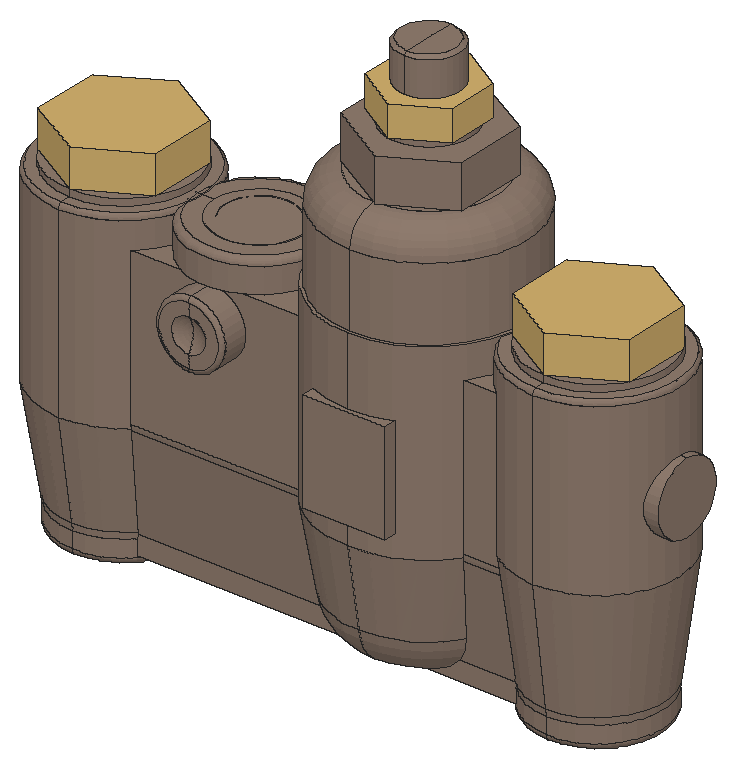
Revit family "Mixing_Valve-Emergency-Bradley_Corp-EFX25-S19-2100", category Pipe Accessories, Revit 2012 (continued)
Automatic sketch dimensions
  curve 9 to plane 2 "Top C" = 0.000"
  curve 15 to plane 4 "Bottom C-D" = 0.000"
  curve 10 to plane 6 "Left A-B" = 0.000"
  plane 8 "Right A" to curve 16 = 0.375"
  curve 6 to plane 31 "Outlet base" = 0.0716"
  plane 7 "Right B" to curve 6 = 0.9282"
  curve 7 to curve 4 = 0.000"
  curve 14 to curve 13 = 0.500"
  plane 7 "Right B" to curve 19 = 0.2142"
  curve 1 to curve 20 = 0.2142"
  curve 2 to curve 3 = 0.714"
  plane 6 "Left A-B" to curve 15 = 0.375"
  curve 1 to plane 2 "Top C" = 0.7497"
  curve 18 to curve 17 = 0.375"
  curve 7 to plane 2 "Top C" = 0.1377"
  curve 18 to plane 31 "Outlet base" = 0.125"
  plane 31 "Outlet base" to curve 2 = 0.12849"
  curve 19 to plane 38 = 0.03176"
  Extrusion 21 sketch curve to Revolve 10 = 0.000"
  Revolve 10 to Extrusion 21 sketch curve = 0.03353"
  Revolve 10 to Extrusion 21 sketch curve = 0.91461"
  Extrusion 21 sketch curve to Extrusion 21 sketch curve = 0.50869"
  Extrusion 21 sketch curve to Revolve 10 = 0.91461"
  Extrusion 21 sketch curve to Extrusion 21 sketch curve = 0.54741"
  Extrusion 21 sketch curve to Extrusion 21 sketch curve = 1.0561"
  Extrusion 21 sketch curve to Extrusion 21 sketch curve = 1.01738"
  Extrusion 21 sketch curve to Extrusion 21 sketch curve = 0.52805"
  plane 36 "Dial front" to Masking region 1 sketch curve = 0.000"  (x2)
  Masking region 1 sketch curve to plane 35 "Handle front" = 0.025"
  plane 7 "Right B" to Masking region 1 sketch curve = 0.100"
  Masking region 1 sketch curve to plane 3 "Center (Left/Right)" = 0.875"
  Masking region 2 sketch curve to Masking region 2 sketch curve = 0.000"  (x21)
  Masking region 2 sketch curve to plane 15 "Center G" = 0.000"  (x2)
  Masking region 2 sketch curve to plane 16 "Center Piston" = 0.000"
  Masking region 2 sketch curve to plane 6 "Left A-B" = 0.000"
  plane 11 "Right edge" to Masking region 2 sketch curve = 0.14156"  (x2)
  plane 8 "Right A" to Masking region 2 sketch curve = 0.16805"  (x2)
  Masking region 2 sketch curve to plane 8 "Right A" = 0.16805"
  Masking region 2 sketch curve to plane 43 = 0.055"  (x2)
  Masking region 2 sketch curve to Masking region 2 sketch curve = 0.33195"
  Masking region 2 sketch curve to plane 44 = 0.4175"
  Masking region 2 sketch curve to Masking region 2 sketch curve = 0.30768"  (x2)
  Masking region 2 sketch curve to Masking region 2 sketch curve = 0.48305"  (x2)
  plane 44 to Masking region 2 sketch curve = 0.06814"  (x2)
  plane 43 to Masking region 2 sketch curve = 0.06814"
  Masking region 2 sketch curve to plane 3 "Center (Left/Right)" = 0.47873"
  Masking region 2 sketch curve to Masking region 2 sketch curve = 0.60554"
  Masking region 2 sketch curve to plane 43 = 0.4175"  (x2)
  plane 7 "Right B" to Masking region 2 sketch curve = 0.500"
  Masking region 2 sketch curve to Masking region 2 sketch curve = 0.05985"  (x2)
  plane 43 to Masking region 2 sketch curve = 0.02929"  (x3)
  plane 7 "Right B" to Masking region 2 sketch curve = 0.16805"
  Masking region 2 sketch curve to plane 7 "Right B" = 0.16805"
  Masking region 2 sketch curve to plane 7 "Right B" = 0.44015"
  Masking region 2 sketch curve to Masking region 2 sketch curve = 0.69232"
  Masking region 2 sketch curve to plane 43 = 0.11682"
  plane 6 "Left A-B" to Masking region 2 sketch curve = 0.16805"
  Masking region 2 sketch curve to plane 6 "Left A-B" = 0.16805"
  Masking region 2 sketch curve to Masking region 2 sketch curve = 0.35765"
  Masking region 2 sketch curve to plane 15 "Center G" = 0.525"
  plane 16 "Center Piston" to curve 97 = 0.000"
  curve 89 to plane 31 "Outlet base" = 0.000"
  curve 88 to plane 7 "Right B" = 0.000"
  curve 88 to plane 31 "Outlet base" = 0.000"
  curve 93 to plane 38 = 0.000"
  curve 103 to plane 5 "Top D" = 0.000"
  curve 87 to plane 5 "Top D" = 0.000"
  curve 85 to plane 5 "Top D" = 0.000"
  plane 4 "Bottom C-D" to curve 97 = 0.10175"
  curve 97 to curve 99 = 0.00172"
  curve 98 to curve 96 = 0.00172"
  plane 4 "Bottom C-D" to curve 95 = 0.376"
  plane 4 "Bottom C-D" to curve 100 = 0.376"
  curve 94 to plane 30 "Inlet base" = 0.26749"
  curve 101 to plane 30 "Inlet base" = 0.26749"
  curve 101 to curve 100 = 0.03953"
  curve 95 to curve 95 = 0.03953"
  plane 30 "Inlet base" to curve 96 = 0.05661"
  plane 30 "Inlet base" to curve 99 = 0.05661"
  level to curve 94 = 0.73455"
  level to curve 101 = 0.73455"
  curve 94 to curve 93 = 0.09458"
  curve 93 to curve 89 = 0.26692"
  curve 102 to plane 2 "Top C" = 0.26254"
  plane 5 "Top D" to curve 84 = 0.100"
  plane 5 "Top D" to curve 86 = 0.100"
  plane 5 "Top D" to curve 88 = 0.100"
  plane 5 "Top D" to curve 88 = 0.11803"
  plane 12 "Top Nuts" to curve 83 = 0.85902"
  curve 83 to curve 82 = 0.63434"
  curve 82 to curve 81 = 0.100"
  curve 81 to curve 80 = 0.44802"
  curve 79 to plane 13 "Top valve" = 0.05039"
  curve 94 to plane 24 "Top Flange" = 2.39319"
  curve 101 to plane 24 "Top Flange" = 2.39319"
  curve 86 to plane 11 "Right edge" = 0.07147"
  plane 11 "Right edge" to curve 87 = 0.0625"
  curve 101 to plane 23 "Right Flange" = 178.42787"
  curve 94 to plane 8 "Right A" = 0.50617"
  curve 86 to plane 8 "Right A" = 0.86603"
  curve 86 to curve 87 = 0.13397"
  curve 87 to curve 103 = 0.050"
  curve 103 to curve 93 = 0.24073"
  curve 93 to curve 94 = 0.00099"
  curve 95 to curve 95 = 0.00127"
  curve 94 to curve 96 = 0.14223"
  plane 16 "Center Piston" to curve 83 = 0.91461"
  plane 16 "Center Piston" to curve 82 = 0.64952"
  curve 81 to curve 82 = 0.000"
  plane 16 "Center Piston" to curve 89 = 0.60373"
  plane 16 "Center Piston" to curve 80 = 0.450"
  plane 16 "Center Piston" to curve 79 = 0.450"
  curve 98 to curve 97 = 0.31383"
  curve 98 to curve 96 = 0.00004"
  curve 99 to plane 3 "Center (Left/Right)" = 0.16388"
  curve 99 to plane 3 "Center (Left/Right)" = 0.18878"
  curve 99 to curve 97 = 0.00004"
  curve 79 to plane 3 "Center (Left/Right)" = 0.325"
  curve 80 to plane 3 "Center (Left/Right)" = 0.325"
  curve 99 to curve 100 = 0.17906"
  curve 90 to plane 3 "Center (Left/Right)" = 0.47873"
  curve 80 to curve 81 = 0.19952"
  curve 81 to curve 82 = 0.0234"
  curve 82 to curve 83 = 0.24168"
  curve 99 to curve 101 = 0.14223"
  curve 91 to curve 102 = 0.60455"
  curve 85 to curve 84 = 0.01594"
  plane 9 "Left H" to curve 84 = 0.07147"
  curve 85 to plane 9 "Left H" = 0.0625"
  curve 94 to plane 21 "Left Flange" = 178.17787"
  Masking region 3 sketch curve to plane 5 "Top D" = 0.000"  (x2)
  Masking region 3 sketch curve to plane 12 "Top Nuts" = 0.000"
  Masking region 3 sketch curve to plane 5 "Top D" = 0.07422"
  Masking region 3 sketch curve to plane 5 "Top D" = 0.07957"
  Masking region 3 sketch curve to plane 5 "Top D" = 0.08106"
  plane 31 "Outlet base" to Masking region 3 sketch curve = 0.025"
  Masking region 3 sketch curve to plane 7 "Right B" = 0.00061"
  plane 31 "Outlet base" to Masking region 3 sketch curve = 0.00204"
  Masking region 3 sketch curve to plane 2 "Top C" = 0.525"
  Masking region 3 sketch curve to plane 10 "Right H" = 0.11253"
  Masking region 3 sketch curve to Masking region 3 sketch curve = 0.55459"
  Masking region 3 sketch curve to plane 9 "Left H" = 0.2626"
  level to Masking region 3 sketch curve = 0.76647"
  plane 11 "Right edge" to Masking region 3 sketch curve = 0.02326"
  plane 4 "Bottom C-D" to Masking region 3 sketch curve = 0.42134"  (x2)
  Masking region 3 sketch curve to plane 9 "Left H" = 0.02326"
  plane 11 "Right edge" to Masking region 3 sketch curve = 0.01637"
  Masking region 3 sketch curve to Masking region 3 sketch curve = 0.04349"
  Masking region 3 sketch curve to plane 9 "Left H" = 0.01445"
  Masking region 3 sketch curve to Masking region 3 sketch curve = 0.05908"
  plane 11 "Right edge" to Masking region 3 sketch curve = 0.01278"
  Masking region 3 sketch curve to Masking region 3 sketch curve = 0.04383"
  Masking region 3 sketch curve to plane 9 "Left H" = 0.01269"
  Masking region 3 sketch curve to Masking region 3 sketch curve = 0.03878"
  plane 4 "Bottom C-D" to Masking region 3 sketch curve = 0.10175"
  plane 4 "Bottom C-D" to Masking region 3 sketch curve = 0.07328"
  plane 4 "Bottom C-D" to Masking region 3 sketch curve = 0.07097"
  plane 4 "Bottom C-D" to Masking region 3 sketch curve = 0.07021"
  plane 4 "Bottom C-D" to Masking region 3 sketch curve = 0.06961"
  Masking region 3 sketch curve to plane 4 "Bottom C-D" = 0.02998"
  Masking region 3 sketch curve to plane 4 "Bottom C-D" = 0.03003"
  plane 5 "Top D" to Masking region 3 sketch curve = 0.07001"
  Masking region 3 sketch curve to Masking region 3 sketch curve = 0.100"  (x2)
  plane 5 "Top D" to Masking region 3 sketch curve = 0.100"
  plane 12 "Top Nuts" to Masking region 3 sketch curve = 0.41754"
  plane 12 "Top Nuts" to Masking region 3 sketch curve = 0.42294"
  Masking region 3 sketch curve to Masking region 3 sketch curve = 0.43608"
  Masking region 3 sketch curve to Masking region 3 sketch curve = 0.44148"
  Masking region 3 sketch curve to Masking region 3 sketch curve = 0.63434"
  Masking region 3 sketch curve to Masking region 3 sketch curve = 0.54802"
  Masking region 3 sketch curve to plane 13 "Top valve" = 0.05039"  (x2)
  Masking region 3 sketch curve to Masking region 3 sketch curve = 0.11304"
  Masking region 3 sketch curve to Masking region 3 sketch curve = 0.03946"
  plane 11 "Right edge" to Masking region 3 sketch curve = 0.0625"
  Masking region 3 sketch curve to Masking region 3 sketch curve = 0.10156"
  Masking region 3 sketch curve to plane 8 "Right A" = 0.85051"
  Masking region 3 sketch curve to plane 8 "Right A" = 0.86603"
  Masking region 3 sketch curve to Masking region 3 sketch curve = 0.13397"
  Masking region 3 sketch curve to Masking region 3 sketch curve = 0.050"
  plane 16 "Center Piston" to Masking region 3 sketch curve = 0.450"
  Masking region 3 sketch curve to Masking region 3 sketch curve = 0.05039"  (x2)
  Masking region 3 sketch curve to plane 3 "Center (Left/Right)" = 0.27461"
  Masking region 3 sketch curve to Masking region 3 sketch curve = 0.09367"
  Masking region 3 sketch curve to Masking region 3 sketch curve = 0.10909"
  plane 6 "Left A-B" to Masking region 3 sketch curve = 0.94998"
  Masking region 3 sketch curve to Masking region 3 sketch curve = 0.11417"
  Masking region 3 sketch curve to Masking region 3 sketch curve = 0.09992"
  plane 9 "Left H" to Masking region 3 sketch curve = 0.07147"
  Masking region 3 sketch curve to plane 9 "Left H" = 0.0625"
  Masking region 3 sketch curve to Masking region 3 sketch curve = 0.09835"
  curve 122 to plane 14 "Front G" = 0.000"
  curve 121 to plane 15 "Center G" = 0.000"
  curve 120 to plane 2 "Top C" = 0.000"
  curve 113 to plane 36 "Dial front" = 0.000"
  curve 122 to plane 31 "Outlet base" = 0.000"
  curve 123 to plane 5 "Top D" = 0.000"
  curve 116 to plane 12 "Top Nuts" = 0.000"
  plane 4 "Bottom C-D" to curve 131 = 0.42134"
  curve 130 to plane 43 = 0.10502"
  level to curve 130 = 1.01604"
  curve 125 to curve 122 = 0.080"
  curve 121 to plane 2 "Top C" = 0.525"
  curve 113 to plane 31 "Outlet base" = 0.100"
  plane 38 to curve 113 = 0.22746"
  curve 126 to plane 5 "Top D" = 0.08042"
  curve 129 to plane 5 "Top D" = 0.08042"
  curve 126 to plane 5 "Top D" = 0.07756"
  curve 129 to plane 5 "Top D" = 0.07756"
  plane 5 "Top D" to curve 119 = 0.100"
  curve 108 to plane 44 = 0.2489"
  plane 12 "Top Nuts" to curve 108 = 0.85902"
  curve 109 to curve 107 = 0.63434"
  curve 109 to curve 112 = 0.100"
  curve 112 to curve 105 = 0.44802"
  curve 104 to plane 13 "Top valve" = 0.05039"
  curve 126 to plane 44 = 0.20013"
  curve 126 to curve 126 = 0.05514"
  curve 123 to plane 27 "Back G" = 0.0625"
  curve 118 to plane 44 = 0.305"
  curve 124 to plane 44 = 0.34424"
  plane 15 "Center G" to curve 106 = 0.625"
  curve 107 to curve 106 = 0.000"
  curve 107 to curve 110 = 0.09695"
  curve 114 to curve 115 = 0.500"
  plane 15 "Center G" to curve 104 = 0.450"
  plane 15 "Center G" to curve 105 = 0.450"
  curve 110 to curve 111 = 0.15305"
  curve 112 to plane 15 "Center G" = 0.375"
  curve 104 to plane 15 "Center G" = 0.450"
  curve 112 to curve 105 = 0.075"
  curve 116 to plane 15 "Center G" = 0.500"
  curve 109 to plane 15 "Center G" = 0.52805"
  curve 109 to curve 107 = 0.09695"
  curve 106 to curve 107 = 0.000"
  curve 124 to plane 43 = 0.34424"
  curve 117 to plane 43 = 0.305"
  curve 108 to plane 43 = 0.26826"
  curve 129 to curve 129 = 0.09512"
  plane 14 "Front G" to curve 123 = 0.0625"
  Masking region 4 sketch curve to plane 14 "Front G" = 0.000"
  Masking region 4 sketch curve to plane 31 "Outlet base" = 0.000"  (x2)
  Masking region 4 sketch curve to plane 5 "Top D" = 0.000"  (x2)
  plane 4 "Bottom C-D" to Masking region 4 sketch curve = 0.06863"
  plane 4 "Bottom C-D" to Masking region 4 sketch curve = 0.06964"
  Masking region 4 sketch curve to Masking region 4 sketch curve = 0.12812"
  Masking region 4 sketch curve to Masking region 4 sketch curve = 0.12918"
  Masking region 4 sketch curve to plane 43 = 0.00598"
  Masking region 4 sketch curve to plane 30 "Inlet base" = 0.26749"  (x2)
  Masking region 4 sketch curve to plane 44 = 0.00598"
  Masking region 4 sketch curve to plane 30 "Inlet base" = 0.17624"
  Masking region 4 sketch curve to plane 30 "Inlet base" = 0.13521"
  plane 14 "Front G" to Masking region 4 sketch curve = 0.06225"
  level to Masking region 4 sketch curve = 0.77543"
  Masking region 4 sketch curve to plane 27 "Back G" = 0.06257"
  level to Masking region 4 sketch curve = 0.77565"
  Masking region 4 sketch curve to Masking region 4 sketch curve = 0.32039"
  Masking region 4 sketch curve to Masking region 4 sketch curve = 0.32061"
  Masking region 4 sketch curve to plane 12 "Top Nuts" = 0.15625"
  plane 14 "Front G" to Masking region 4 sketch curve = 0.1125"
  plane 12 "Top Nuts" to Masking region 4 sketch curve = 0.42568"
  Masking region 4 sketch curve to plane 27 "Back G" = 0.1125"
  plane 12 "Top Nuts" to Masking region 4 sketch curve = 0.43827"
  Masking region 4 sketch curve to Masking region 4 sketch curve = 0.54802"
  Masking region 4 sketch curve to Masking region 4 sketch curve = 0.100"  (x2)
  Masking region 4 sketch curve to Masking region 4 sketch curve = 0.44802"
  Masking region 4 sketch curve to plane 13 "Top valve" = 0.05039"  (x2)
  Masking region 4 sketch curve to Masking region 4 sketch curve = 0.05005"
  Masking region 4 sketch curve to plane 44 = 0.35501"
  Masking region 4 sketch curve to Masking region 4 sketch curve = 0.300"
  Masking region 4 sketch curve to Masking region 4 sketch curve = 0.05039"  (x2)
  Masking region 4 sketch curve to plane 15 "Center G" = 0.39961"
  Masking region 4 sketch curve to Masking region 4 sketch curve = 0.78676"
  Masking region 4 sketch curve to Masking region 4 sketch curve = 0.125"
  Masking region 4 sketch curve to Masking region 4 sketch curve = 0.43383"
  plane 14 "Front G" to Masking region 4 sketch curve = 0.0625"
  Masking region 4 sketch curve to plane 36 "Dial front" = 0.000"
  Masking region 4 sketch curve to Masking region 4 sketch curve = 0.42076"
  Masking region 4 sketch curve to plane 43 = 0.26826"
  Masking region 4 sketch curve to Masking region 4 sketch curve = 0.63434"
  radius of Extrusion 5 sketch curve = 1.500"
  radius of Extrusion 6 sketch curve = 1.500"
  radius of Extrusion 15 sketch curve = 1.500"
  radius of Extrusion 18 sketch curve = 0.525"
  radius of Extrusion 19 sketch curve = 0.6575"
  radius of Extrusion 20 sketch curve = 0.525"  (x2)
Nested families (in)
  nested 1: "TMV Valve Symbol" at (0, -2.25, 0), type "TMV Valve Symbol", detail levels coarse+medium
  nested 2: "Ball_Valve" at (-2.375, -2.25, 12.53304) x (-1, 0, 0) z (0, 0, -1), visible <- "Visibility Outlet", type "Ball_Valve", detail levels fine
  nested 3: "Ball_Valve" at (2.625, -2.25, -7.46696), visible <- "Visibility Inlet", type "Ball_Valve", detail levels fine
  nested 4: "Ball_Valve" at (-4.375, -2.25, -7.46696), visible <- "Visibility Inlet", type "Ball_Valve", detail levels fine
Connectors (in)
  piping at (-4.375, -2.25, -1.15396), driven by "Domestic Hot In", driven by "Pressure Drop", driven by "Xnpt Radius"
    settings: on Extrusion 20, index 1, connector radius 3/8", flow factor 0, pipe flow 0 GPM, pressure drop 45.00 psi, fitting loss kfactor 0, connector angle 0.00°, fixture units 0, engagement length 0.000", flow configuration 1, flow direction 1, fitting loss method 4, system type 29, joint type 0, gender type 0, connector reference index -1, connector utility 0, adjustable connector no, is connector primary yes, fitting loss table "", connector description "Hot Water In"
  piping at (2.625, -2.25, -1.15396), driven by "Domestic Cold In", driven by "Pressure Drop", driven by "Xnpt Radius"
    settings: on Extrusion 20, index 2, connector radius 3/8", flow factor 0, pipe flow 0 GPM, pressure drop 45.00 psi, fitting loss kfactor 0, connector angle 0.00°, fixture units 0, engagement length 0.000", flow configuration 1, flow direction 1, fitting loss method 4, system type 29, joint type 0, gender type 0, connector reference index -1, connector utility 0, adjustable connector no, is connector primary no, fitting loss table "", connector description "Cold Water In"
  piping at (-2.375, -2.25, 3.59604), driven by "Ynpt Radius", driven by "Tempered Water Flow", driven by "Pressure Drop"
    settings: on Extrusion 19, index 3, connector radius 1/2", flow factor 0, pipe flow 0 GPM, pressure drop 45.00 psi, fitting loss kfactor 0, connector angle 0.00°, fixture units 0, engagement length 0.000", flow configuration 0, flow direction 2, fitting loss method 4, system type 29, joint type 0, gender type 0, connector reference index -1, connector utility 0, adjustable connector no, is connector primary no, fitting loss table "", connector description "Tempered Water Out"
  piping at (3.9375, -2.25, 2.09604), driven by "Znpt Radius", driven by "Return Flow", driven by "Pressure Drop"
    settings: on cut or joined group of Revolve 14, Extrusion 18, index 4, connector radius 3/8", flow factor 0, pipe flow 0 GPM, pressure drop 45.00 psi, fitting loss kfactor 0, connector angle 0.00°, fixture units 0, engagement length 0.000", flow configuration 0, flow direction 1, fitting loss method 4, system type 29, joint type 0, gender type 0, connector reference index -1, connector utility 0, adjustable connector no, is connector primary no, fitting loss table "", connector description "Return Flow"
Definition of nested family "Ball_Valve"
  Parameters
    Valve Material = Metal - Bradley Corp - Bronze
    Nut Material = Metal - Bradley Corp - Light Bronze
  Reference planes (in)
    plane 1 "Center (Front/Back)": y = 0
    plane 2: z = 0
    plane 3 "Center (Left/Right)": x = 0
  Forms (in)
    Extrusion 1, solid, material "Metal - Bradley Corp - Light Bronze" <- "Nut Material"
      sketch origin (0, 0, 0) x (0.866025, 0.5, 0) y (-0.5, 0.866025, 0)
        loop
          line (0.74689, 0.43122) -> (0, 0.86244) -> (-0.74689, 0.43122) -> (-0.74689, -0.43122) -> (0, -0.86244) -> (0.74689, -0.43122) -> (0.74689, 0.43122)
      from 0 to 0.5
    Extrusion 2, solid, material "Metal - Bradley Corp - Bronze" <- "Valve Material"
      sketch origin (0, 0, 0.5) x (0.866025, 0.5, 0) y (-0.5, 0.866025, 0)
        loop
          circle (0, 0) r 0.86244
      from 0 to 1.5
    Extrusion 3, solid, material "Metal - Bradley Corp - Light Bronze" <- "Nut Material"
      sketch origin (0, 0, 2) x (0.866025, 0.5, 0) y (-0.5, 0.866025, 0)
        loop
          line (0.86244, 0.49793) -> (0, 0.99586) -> (-0.86244, 0.49793) -> (-0.86244, -0.49793) -> (0, -0.99586) -> (0.86244, -0.49793) -> (0.86244, 0.49793)
      from 0 to 0.75
    Extrusion 4, solid, material "Metal - Bradley Corp - Bronze" <- "Valve Material"
      sketch origin (0, 0, 0) x (1, 0, 0) y (0, 0, 1)
        loop
          circle (0, 0.89598) r 0.16805
      from 0 to 1.5
    Extrusion 5, solid, material "Metal - Bradley Corp - Light Bronze" <- "Nut Material"
      sketch origin (0, -1.5, 0) x (1, 0, 0) y (0, 0, 1)
        loop
          line (0.5, 0.60435) -> (0.5, 5.10435)
          arc (0.5, 5.10435) -> (0, 5.60435) -> (-0.5, 5.10435) r 0.5
          line (-0.5, 5.10435) -> (-0.5, 0.60435) -> (0.5, 0.60435)
      from -0.16571 to -0.25
Definition of nested family "TMV Valve Symbol"
  Reference planes (in)
    plane 1: y = 0
    plane 2: x = 0
  Lines and regions (in)
    Filled region 1, type "Filled region 1"
      outline origin (0, 0, 0) x (1, 0, 0) y (0, 1, 0)
        loop
          line (-0.01592, -0.06365) -> (0, -0.11085) -> (0.01718, -0.06365) -> (-0.01592, -0.06365)
    detail lines
      curve 1: line (-0.0703, 0.03897, 0) -> (-0.0703, -0.03897, 0)
      curve 2: line (-0.0703, -0.03897, 0) -> (0, 0, 0)
      curve 3: line (0, 0, 0) -> (-0.0703, 0.03897, 0)
      curve 4: line (0, 0.06583, 0) -> (0, -0.06365, 0)
      curve 5: line (0.0703, 0.03897, 0) -> (0.0703, -0.03897, 0)
      curve 6: line (0.0703, -0.03897, 0) -> (0, 0, 0)
      curve 7: line (0, 0, 0) -> (0.0703, 0.03897, 0)
      curve 8: line (-0.06551, 0.06583, 0) -> (0.06551, 0.06583, 0)
      curve 9: arc (-0.06551, 0.06583, 0) -> (0, 0.11224, 0) -> (0.06551, 0.06583, 0) r 0.06943
      curve 10: line (0.0703, 0, 0) -> (0.12054, 0, 0)
      curve 11: line (-0.0703, 0, 0) -> (-0.12054, 0, 0)
  Dimensions and locks (in)
    equal spacing: curve 8, plane 2, curve 8
    Filled region 1 sketch curve to plane 2 to Filled region 1 sketch curve = 0.01592", 0.01718"
    equal spacing: curve 1, plane 2, curve 5
    equal spacing: curve 3, plane 1, curve 2
    angle curve 6 to curve 7 = 58.00°
    aligned and locked: plane 1 to curve 10
